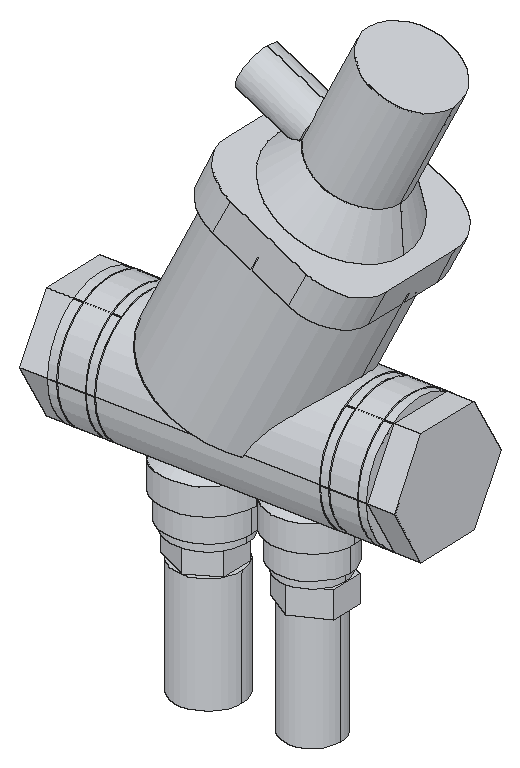
Revit family "PV_Compact_DN020_ 5-30_FF_měř_RFA_2018", category Pipe Accessories, Revit 2018
Family settings
  Round Connector Dimension = Use Diameter
  Part Type = Valve - Breaks Into
  Work Plane-Based = No
  Always vertical = Yes
  Cut with Voids When Loaded = No
  Shared = No
Parameters (values of type "PV Compact DN20 FF s měřením (  5-30kPa)")
  magiProductId = "db23a1b537c14a0d8d3ef5b88ba9f3"
  magiProductFamilyId = "17221e4467384e4990f0bd3f9c07cb"
  magiPartTypeId = 304
  isMeasuringValve [instance] = no
  ang2D [instance] = 0.00°
  Z7 = 15 mm
  Z6 = 24.6 mm
  Z5 = 57.4 mm
  Z4 = 49.2 mm
  Z3 = 8.2 mm
  Z2 = 41 mm
  XR3 = 30 mm
  XR2 = 25 mm
  XR1 = 13 mm
  W2D = 15 mm
  VersionID = "2.0/2018.12.13.2/FRESE_PV_COMPACT_PLUG_Q13_001"
  Use Minimum Symbol Size [instance] = no
  URL = "www.hydronix.cz"
  Type Comments = "závitový s vnitřním závitem; dvěma měřicími vsuvkami; PN25; dpmax=450kPa; -10~+120°C;"
  R5 = 5 mm
  R4 = 15 mm
  R3 = 10 mm
  R2 = 14 mm
  R1 = 19 mm
  QmdConnectorList = "301;D;302;D"
  Productdata [instance] = ""
  PH__ve = -PH  # -22.4 mm
  PH = 22.4 mm
  NL__ve = -NL  # -15.8 mm
  NL = 15.8 mm
  Manufacturer = "Hydronix"
  MC Use Limits From Balancing Method = no
  MC Throttling Minimum Value = 0
  MC Throttling Maximum Value = 0
  MC Product Code = "53-3206 DN20; FF; nastavitelný rozsah dp=5~30kPa; Q=100~1000l/h;  kvs=3,5"
  MC Pressure Drop Minimum Value = 0.0 Pa
  MC Pressure Drop Maximum Value = 0.0 Pa
  MC Piping Given Pressure Drop [instance] = 0.0 Pa
  M5 = 33.7 mm
  M4 = 31.7 mm
  M3 = 25.7 mm
  M2 = 23.7 mm
  LP = 39.5 mm
  LM = 47.4 mm
  LL__ve = -LL  # -5.7 mm
  LLT__ve = -LLT  # -14.9 mm
  LLT = 14.9 mm
  LL2 = 32 mm
  LL = 5.7 mm
  L3 = 11 mm
  L2D_Min = 30.48 mm
  L2D = 65 mm
  Description = "Nastavitelný regulátor tlakové diference"
  DR1 = no
  DR0 = yes
  DL2 = 66 mm
  D = 20 mm
  CenSd_R2_6 = R2 * cos(30.00°)  # 12.124 mm
  CAT0 = yes
  C0D1 = no
  C0D0 = yes
Types (10, lengths in mm): name | magiProductId | Z6 | Z5 | Z4 | Z3 | Z2 | XR3 | XR2 | XR1 | R2 | R1 | PH__ve | PH | NL__ve | NL | MC Product Code | M5 | M4 | M3 | M2 | LP | LM | LL__ve | LLT__ve | LLT | LL2 | LL | L3 | D | CenSd_R2_6
  PV Compact DN15 FF s měřením ( 20-60kPa) | "92c6061b2d364c498536f200ceae3f" | 24.6 | 57.4 | 49.2 | 8.2 | 41 | 30 | 25 | 13 | 14 | 19 | -22.4 | 22.4 | -15 | 15 | "53-3205 DN15; FF; nastavitelný rozsah dp=20~60kPa; Q=100~1000l/h;  kvs=2,9" | 32.5 | 30.5 | 24.5 | 22.5 | 37.5 | 45 | -5.7 | -14.9 | 14.9 | 32 | 5.7 | 11 | 15 | 12.124
  PV Compact DN15 FF s měřením (  5-30kPa) | "f361d342a5c3496a8b127ae77303d4" | 24.6 | 57.4 | 49.2 | 8.2 | 41 | 30 | 25 | 13 | 14 | 19 | -22.4 | 22.4 | -15 | 15 | "53-3204 DN15; FF; nastavitelný rozsah dp=5~30kPa; Q=50~600l/h;  kvs=2,9" | 32.5 | 30.5 | 24.5 | 22.5 | 37.5 | 45 | -5.7 | -14.9 | 14.9 | 32 | 5.7 | 11 | 15 | 12.124
  PV Compact DN20 FF s měřením ( 20-60kPa) | "9f7cac6a20a942348ba3edadb25c10" | 24.6 | 57.4 | 49.2 | 8.2 | 41 | 30 | 25 | 13 | 14 | 19 | -22.4 | 22.4 | -15.8 | 15.8 | "53-3207 DN20; FF; nastavitelný rozsah dp=20~60kPa; Q=150~2000l/h;  kvs=3,5" | 33.7 | 31.7 | 25.7 | 23.7 | 39.5 | 47.4 | -5.7 | -14.9 | 14.9 | 32 | 5.7 | 11 | 20 | 12.124
  PV Compact DN20 FF s měřením (  5-30kPa) | "db23a1b537c14a0d8d3ef5b88ba9f3" | 24.6 | 57.4 | 49.2 | 8.2 | 41 | 30 | 25 | 13 | 14 | 19 | -22.4 | 22.4 | -15.8 | 15.8 | "53-3206 DN20; FF; nastavitelný rozsah dp=5~30kPa; Q=100~1000l/h;  kvs=3,5" | 33.7 | 31.7 | 25.7 | 23.7 | 39.5 | 47.4 | -5.7 | -14.9 | 14.9 | 32 | 5.7 | 11 | 20 | 12.124
  PV Compact DN25 FF s měřením (  5-30kPa) | "df9f1d59aa4a4bbbaec25e168ba07d" | 25.5 | 59.5 | 51 | 8.5 | 42.5 | 30 | 25 | 13 | 14 | 19 | -20.8 | 20.8 | -16.6 | 16.6 | "53-3208 DN25; FF; nastavitelný rozsah dp=5~30kPa; Q=600~2100l/h;  kvs=4,0" | 34.9 | 32.9 | 26.9 | 24.9 | 41.5 | 49.8 | -5.9 | -16.3 | 16.3 | 34 | 5.9 | 11 | 25 | 12.124
  PV Compact DN25L FF s měřením ( 20-80kPa) | "87b7cca8bace4074a54840dfb5d8dc" | 40.2 | 93.8 | 80.4 | 13.4 | 67 | 42.5 | 37.5 | 25.5 | 26.5 | 31.5 | -17.6 | 17.6 | -20 | 20 | "53-3211 DN25L; FF; nastavitelný rozsah dp=20~80kPa; Q=750~4200l/h;  kvs=8,7" | 40 | 38 | 32 | 30 | 50 | 60 | -6.3 | -19.1 | 19.1 | 38 | 6.3 | 11 | 25 | 22.95
  PV Compact DN25L FF s měřením (  5-30kPa) | "5f34f6c18cbb44599cc4b76a533b7b" | 40.2 | 93.8 | 80.4 | 13.4 | 67 | 42.5 | 37.5 | 25.5 | 26.5 | 31.5 | -17.6 | 17.6 | -20 | 20 | "53-3210 DN25L; FF; nastavitelný rozsah dp=5~30kPa; Q=600~2500l/h;  kvs=8,7" | 40 | 38 | 32 | 30 | 50 | 60 | -6.3 | -19.1 | 19.1 | 38 | 6.3 | 11 | 25 | 22.95
  PV Compact DN32 FF s měřením ( 20-80kPa) | "4a8a1c2c3ced401aa76adec660b182" | 40.2 | 93.8 | 80.4 | 13.4 | 67 | 42.5 | 37.5 | 25.5 | 26.5 | 31.5 | -13.6 | 13.6 | -20.8 | 20.8 | "53-3214 DN32; FF; nastavitelný rozsah dp=20~80kPa; Q=1000~5000l/h;  kvs=10,1" | 41.2 | 39.2 | 33.2 | 31.2 | 52 | 62.4 | -6.8 | -22.6 | 22.6 | 43 | 6.8 | 25 | 32 | 22.95
  PV Compact DN40 FF s měřením ( 20-80kPa) | "8dd334465d8f48dd802c3dab6bec5b" | 46.8 | 109.2 | 93.6 | 15.6 | 78 | 42.5 | 37.5 | 25.5 | 26.5 | 31.5 | -11.2 | 11.2 | -27.6 | 27.6 | "53-3216 DN40; FF; nastavitelný rozsah dp=20~80kPa; Q=3000~8000l/h;  kvs=15,8" | 51.4 | 49.4 | 43.4 | 41.4 | 69 | 82.8 | -7.1 | -24.7 | 24.7 | 46 | 7.1 | 25 | 40 | 22.95
  PV Compact DN50 FF s měřením ( 20-80kPa) | "de24153ded7e41748f92358b184bd6" | 46.8 | 109.2 | 93.6 | 15.6 | 78 | 42.5 | 37.5 | 25.5 | 35.25 | 31.5 | -6.4 | 6.4 | -27.6 | 27.6 | "53-3218 DN50; FF; nastavitelný rozsah dp=20~80kPa; Q=5000~11500l/h;  kvs=16,2" | 51.4 | 49.4 | 43.4 | 41.4 | 69 | 82.8 | -7.7 | -28.9 | 28.9 | 52 | 7.7 | 25 | 50 | 30.527
Reference planes
  plane 1 "Center (Front/Back)": y = 0
  plane 2 "XYPLANE": z = 0
  plane 3 "Center (Left/Right)": x = 0
  plane 4 "408": x = 39.5
  plane 5 "407": x = -39.5
  plane 6 "402": z = -66
  plane 7 "213": x = 11
  plane 8 "168": z = -10.9
  plane 9 "167": z = -12.9
  plane 10 "166": z = -18.6
  plane 11 "165": z = -24.3
  plane 12 "164": z = -26.3
  plane 13 "154": z = 0
  plane 14 "152": y = 0
  plane 15 "151": z = -32
  plane 16 "150": x = -11
  plane 17 "75": through (318.218, 0, 679.605) normal (0.891, 0, -0.454)
  plane 18 "74": x = 33.7
  plane 19 "73": x = 31.7
  plane 20 "72": x = 25.7
  plane 21 "71": x = 23.7
  plane 22 "70": x = -33.7
  plane 23 "69": x = -31.7
  plane 24 "68": x = -25.7
  plane 25 "67": y = 0
  plane 26 "66": through (-666.893, 0, 343.166) normal (0.454, 0, 0.891)
  plane 27 "65": x = -23.7
  plane 28 "64": through (335.147, 0, 670.979) normal (0.891, 0, -0.454)
  plane 29 "63": through (-649.641, 0, 377.024) normal (0.454, 0, 0.891)
  plane 30 "62": through (352.076, 0, 662.353) normal (0.891, 0, -0.454)
  plane 31 "61": y = 19
  plane 32 "60": y = -19
  plane 33 "59": through (-645.919, 0, 384.33) normal (0.454, 0, 0.891)
  plane 34 "58": through (-642.196, 0, 391.637) normal (0.454, 0, 0.891)
  plane 35 "57": through (313.763, 0, 681.875) normal (0.891, 0, -0.454)
  plane 36 "56": x = 0
  plane 37 "55": through (-668.255, 0, 340.493) normal (0.454, 0, 0.891)
  plane 38 "102XY": through (-668.255, 0, 340.493) normal (0.454, 0, 0.891)
  plane 39 "102XZ": y = 0
  plane 40 "102YZ": through (340.493, 0, 668.255) normal (0.891, 0, -0.454)
Forms (mm)
  Extrusion 1, solid
    sketch origin (39.5, -750, 0) x (0, 1, 0) y (0, 0, 1)
      loop
        line (764, 0) -> (757, 12.124) -> (743, 12.124) -> (736, 0) -> (743, -12.124) -> (757, -12.124) -> (764, 0)
    from 0 to -15.8 <- "NL__ve"
  Extrusion 2, solid
    sketch origin (-39.5, -750, 0) x (0, 1, 0) y (0, 0, 1)
      loop
        line (736, 0) -> (743, -12.124) -> (757, -12.124) -> (764, 0) -> (757, 12.124) -> (743, 12.124) -> (736, 0)
    from 0 to 15.8 <- "NL"
  Extrusion 3, solid, visible <- "C0D1"
    sketch origin (-750, 0, -66) x (1, 0, 0) y (0, 1, 0)
      loop
        circle (761, 0) r 10
    from 0 to 50
  Extrusion 4, solid, visible <- "DR1"
    sketch origin (-750, 0, -18.6) x (1, 0, 0) y (0, 1, 0)
      loop
        line (761, -12) -> (772.592, -6) -> (772.592, 6) -> (761, 12) -> (750.608, 6) -> (750.608, -6) -> (761, -12)
    from 0 to -22.4 <- "PH__ve"
  Extrusion 5, solid, visible <- "DR1"
    sketch origin (-750, 0, -18.6) x (1, 0, 0) y (0, 1, 0)
      loop
        circle (761, 0) r 10
    from 0 to 5.7 <- "LL"
  Blend 6, solid, visible <- "DR1"
    base sketch origin (-750, 0, -10.9) x (1, 0, 0) y (0, 1, 0)
      loop
        circle (761, 0) r 7.5
    top sketch origin (-750, 0, -10.9) x (1, 0, 0) y (0, 1, 0)
      loop
        circle (761, 0) r 10
    from 0 to -2
  Extrusion 7, solid, visible <- "DR1"
    sketch origin (-750, 0, 0) x (1, 0, 0) y (0, 1, 0)
      loop
        circle (761, 0) r 7.5
    from 0 to -14.9 <- "LLT__ve"
  Extrusion 8, solid, visible <- "C0D0"
    sketch origin (-750, 0, -32) x (1, 0, 0) y (0, 1, 0)
      loop
        circle (761, 0) r 6
    from 0 to -25
  Extrusion 9, solid, visible <- "DR0"
    sketch origin (-750, 0, -26.3) x (1, 0, 0) y (0, 1, 0)
      loop
        line (761, -7) -> (768.262, -3.5) -> (768.262, 3.5) -> (761, 7) -> (754.938, 3.5) -> (754.938, -3.5) -> (761, -7)
    from 0 to -5.7 <- "LL__ve"
  Extrusion 10, solid, visible <- "DR0"
    sketch origin (-750, 0, -26.3) x (1, 0, 0) y (0, 1, 0)
      loop
        circle (761, 0) r 7
    from 0 to 2
  Extrusion 11, solid, visible <- "DR0"
    sketch origin (-750, 0, -18.6) x (1, 0, 0) y (0, 1, 0)
      loop
        circle (761, 0) r 9
    from 0 to 5.7 <- "LL"
  Blend 12, solid, visible <- "DR0"
    base sketch origin (-750, 0, -10.9) x (1, 0, 0) y (0, 1, 0)
      loop
        circle (761, 0) r 6.5
    top sketch origin (-750, 0, -10.9) x (1, 0, 0) y (0, 1, 0)
      loop
        circle (761, 0) r 9
    from 0 to -2
  Extrusion 13, solid, visible <- "DR0"
    sketch origin (-750, 0, 0) x (1, 0, 0) y (0, 1, 0)
      loop
        circle (761, 0) r 6.5
    from 0 to -14.9 <- "LLT__ve"
  Extrusion 14, solid, visible <- "DR0"
    sketch origin (-750, 0, 0) x (1, 0, 0) y (0, 1, 0)
      loop
        circle (761, 0) r 6.5
    from 0 to -14.9 <- "LLT__ve"
  Blend 15, solid, visible <- "DR0"
    base sketch origin (-750, 0, -10.9) x (1, 0, 0) y (0, 1, 0)
      loop
        circle (761, 0) r 6.5
    top sketch origin (-750, 0, -10.9) x (1, 0, 0) y (0, 1, 0)
      loop
        circle (761, 0) r 9
    from 0 to -2
  Extrusion 16, solid, visible <- "DR0"
    sketch origin (-750, 0, -18.6) x (1, 0, 0) y (0, 1, 0)
      loop
        circle (761, 0) r 9
    from 0 to 5.7 <- "LL"
  Extrusion 17, solid, visible <- "DR0"
    sketch origin (-750, 0, -24.3) x (1, 0, 0) y (0, 1, 0)
      loop
        circle (761, 0) r 8
    from 0 to 5.7 <- "LL"
  Extrusion 18, solid, visible <- "DR0"
    sketch origin (-750, 0, -26.3) x (1, 0, 0) y (0, 1, 0)
      loop
        circle (761, 0) r 7
    from 0 to 2
  Extrusion 19, solid, visible <- "DR0"
    sketch origin (-750, 0, -26.3) x (1, 0, 0) y (0, 1, 0)
      loop
        line (761, -7) -> (768.262, -3.5) -> (768.262, 3.5) -> (761, 7) -> (754.938, 3.5) -> (754.938, -3.5) -> (761, -7)
    from 0 to -5.7 <- "LL__ve"
  Extrusion 20, solid, visible <- "C0D0"
    sketch origin (-750, 0, -32) x (1, 0, 0) y (0, 1, 0)
      loop
        circle (761, 0) r 6
    from 0 to -25
  Extrusion 21, solid, visible <- "CAT0"
    sketch origin (-750, 0, -32) x (1, 0, 0) y (0, 1, 0)
      loop
        circle (739, 0) r 7.2
    from 0 to -25
  Extrusion 22, solid
    sketch origin (-750, 0, -26.3) x (1, 0, 0) y (0, 1, 0)
      loop
        line (739, -7) -> (745.062, -3.5) -> (745.062, 3.5) -> (739, 7) -> (731.738, 3.5) -> (731.738, -3.5) -> (739, -7)
    from 0 to -5.7 <- "LL__ve"
  Extrusion 23, solid
    sketch origin (-750, 0, -26.3) x (1, 0, 0) y (0, 1, 0)
      loop
        circle (739, 0) r 8.2
    from 0 to 2
  Extrusion 24, solid
    sketch origin (-750, 0, -24.3) x (1, 0, 0) y (0, 1, 0)
      loop
        circle (739, 0) r 9.2
    from 0 to 5.7 <- "LL"
  Extrusion 25, solid
    sketch origin (-750, 0, -18.6) x (1, 0, 0) y (0, 1, 0)
      loop
        circle (739, 0) r 10.2
    from 0 to 5.7 <- "LL"
  Blend 26, solid
    base sketch origin (-750, 0, -10.9) x (1, 0, 0) y (0, 1, 0)
      loop
        circle (739, 0) r 7.7
    top sketch origin (-750, 0, -10.9) x (1, 0, 0) y (0, 1, 0)
      loop
        circle (739, 0) r 10.2
    from 0 to -2
  Extrusion 27, solid
    sketch origin (-750, 0, 0) x (1, 0, 0) y (0, 1, 0)
      loop
        circle (739, 0) r 7.7
    from 0 to -14.9 <- "LLT__ve"
  Blend 28, solid, visible <- "CAT0"
    base sketch origin (31.7, -750, 0) x (0, 1, 0) y (0, 0, 1)
      loop
        circle (750, 0) r 14
    top sketch origin (31.7, -750, 0) x (0, 1, 0) y (0, 0, 1)
      loop
        circle (750, 0) r 14
    from 0 to 2
  Extrusion 29, solid, visible <- "CAT0"
    sketch origin (25.7, -750, 0) x (0, 1, 0) y (0, 0, 1)
      loop
        circle (750, 0) r 14
    from 0 to 6
  Blend 30, solid, visible <- "CAT0"
    base sketch origin (23.7, -750, 0) x (0, 1, 0) y (0, 0, 1)
      loop
        circle (750, 0) r 14
    top sketch origin (23.7, -750, 0) x (0, 1, 0) y (0, 0, 1)
      loop
        circle (750, 0) r 14
    from 0 to 2
  Blend 31, solid, visible <- "CAT0"
    base sketch origin (-31.7, -750, 0) x (0, 1, 0) y (0, 0, 1)
      loop
        circle (750, 0) r 14
    top sketch origin (-31.7, -750, 0) x (0, 1, 0) y (0, 0, 1)
      loop
        circle (750, 0) r 14
    from 0 to -2
  Extrusion 32, solid, visible <- "CAT0"
    sketch origin (-31.7, -750, 0) x (0, 1, 0) y (0, 0, 1)
      loop
        circle (750, 0) r 14
    from 0 to 6
  Blend 33, solid, visible <- "CAT0"
    base sketch origin (-25.7, -750, 0) x (0, 1, 0) y (0, 0, 1)
      loop
        circle (750, 0) r 14
    top sketch origin (-25.7, -750, 0) x (0, 1, 0) y (0, 0, 1)
      loop
        circle (750, 0) r 14
    from 0 to 2
  Extrusion 34, solid, visible <- "CAT0"
    sketch origin (-23.7, -750, 0) x (0, 1, 0) y (0, 0, 1)
      loop
        circle (750, 0) r 14
    from 0 to 47.4 <- "LM"
  Extrusion 35, solid, visible <- "CAT0"
    sketch origin (-666.893, 0, 343.166) x (0.891007, 0, -0.45399) y (0, 1, 0)
      loop
        circle (744, 0) r 19
    from 0 to 41 <- "Z2"
  Extrusion 36, solid, visible <- "CAT0"
    sketch origin (-649.641, 0, 377.024) x (0.891007, 0, -0.45399) y (0, 1, 0)
      loop
        arc (735, 19) -> (727.929, 16.071) -> (725, 9) r 10
        line (725, 9) -> (725, -9)
        arc (725, -9) -> (727.929, -16.071) -> (735, -19) r 10
        line (735, -19) -> (753, -19)
        arc (753, -19) -> (760.071, -16.071) -> (763, -9) r 10
        line (763, -9) -> (763, 9)
        arc (763, 9) -> (760.071, 16.071) -> (753, 19) r 10
        line (753, 19) -> (735, 19)
    from 0 to 8.2 <- "Z3"
  Blend 37, solid, visible <- "CAT0"
    base sketch origin (-645.919, 0, 384.33) x (0.891007, 0, -0.45399) y (0, 1, 0)
      loop
        circle (744, 0) r 15
    top sketch origin (-645.919, 0, 384.33) x (0.891007, 0, -0.45399) y (0, 1, 0)
      loop
        circle (744, 0) r 10
    from 0 to 8.2
  Extrusion 38, solid, visible <- "CAT0"
    sketch origin (-642.196, 0, 391.637) x (0.891007, 0, -0.45399) y (0, 1, 0)
      loop
        circle (744, 0) r 10
    from 0 to 24.6 <- "Z6"
  Extrusion 39, solid, visible <- "CAT0"
    sketch origin (313.763, 0, 681.875) x (-0.45399, 0, -0.891007) y (0, 1, 0)
      loop
        circle (692.6, 0) r 5
    from 0 to 15 <- "Z7"
  Blend 40, solid, visible <- "CAT0"
    base sketch origin (-668.255, 0, 340.493) x (0.891007, 0, -0.45399) y (0, 1, 0)
      loop
        circle (744, 0) r 15
    top sketch origin (-668.255, 0, 340.493) x (0.891007, 0, -0.45399) y (0, 1, 0)
      loop
        circle (744, 0) r 19
    from 0 to 3
  Extrusion 41, solid, not visible
    sketch origin (-33.7, -750, 0) x (0, 1, 0) y (0, 0, 1)
      loop
        circle (750, 0) r 10
    from 0 to 10
  Extrusion 42, solid, not visible
    sketch origin (33.7, -750, 0) x (0, 1, 0) y (0, 0, 1)
      loop
        circle (750, 0) r 10
    from 0 to -10
Lines and regions (mm)
  reference lines, not visible
    curve 1: circle (2, 2, 0) r 1 normal (0, 0, 1)
  reference lines
    curve 2: line (39.5, 0, 0) -> (39.5, -3.5, 6.062)
    curve 3: line (39.5, 0, 0) -> (39.5, -7, 0)
    curve 4: line (39.5, 0, 0) -> (39.5, -3.5, -6.062)
    curve 5: line (-39.5, 0, 0) -> (-39.5, 3.5, 6.062)
    curve 6: line (-39.5, 0, 0) -> (-39.5, 7, 0)
    curve 7: line (-39.5, 0, 0) -> (-39.5, 3.5, -6.062)
Dimensions and locks
  plane 1 "Center (Front/Back)" to curve 1 = 2 mm
  "LP": plane 36 "56" to plane 4 "408"
  "LP": plane 36 "56" to plane 5 "407"
  "DL2": plane 2 "XYPLANE" to plane 6 "402"
  "L3": plane 3 "Center (Left/Right)" to plane 7 "213"
  locked: plane 9 "167" to plane 8 "168" at 2
  "LL": plane 10 "166" to plane 9 "167"
  "LL": plane 11 "165" to plane 10 "166"
  locked: plane 12 "164" to plane 11 "165" at 2
  "LL": plane 15 "151" to plane 12 "164"
  locked: plane 2 "XYPLANE" to plane 13 "154"
  locked: plane 1 "Center (Front/Back)" to plane 14 "152"
  "LL2": plane 2 "XYPLANE" to plane 15 "151"
  "L3": plane 3 "Center (Left/Right)" to plane 16 "150"
  "XR2": plane 40 "102YZ" to plane 17 "75"
  "M5": plane 3 "Center (Left/Right)" to plane 18 "74"
  "M4": plane 3 "Center (Left/Right)" to plane 19 "73"
  "M3": plane 3 "Center (Left/Right)" to plane 20 "72"
  "M2": plane 3 "Center (Left/Right)" to plane 21 "71"
  "M5": plane 3 "Center (Left/Right)" to plane 22 "70"
  "M4": plane 3 "Center (Left/Right)" to plane 23 "69"
  "M3": plane 3 "Center (Left/Right)" to plane 24 "68"
  locked: plane 14 "152" to plane 25 "67"
  locked: plane 38 "102XY" to plane 26 "66" at 3
  "M2": plane 3 "Center (Left/Right)" to plane 27 "65"
  locked: plane 40 "102YZ" to plane 28 "64" at 6
  "Z2": plane 38 "102XY" to plane 29 "63"
  "XR1": plane 40 "102YZ" to plane 30 "62"
  "R1": plane 14 "152" to plane 31 "61"
  "R1": plane 14 "152" to plane 32 "60"
  "Z4": plane 38 "102XY" to plane 33 "59"
  "Z5": plane 38 "102XY" to plane 34 "58"
  "XR3": plane 40 "102YZ" to plane 35 "57"
  locked: plane 3 "Center (Left/Right)" to plane 36 "56"
  locked: plane 38 "102XY" to plane 37 "55"
  "CenSd_R2_6": curve 2 to Extrusion 1 sketch curve  (x2)
  "CenSd_R2_6": curve 3 to Extrusion 1 sketch curve  (x2)
  "CenSd_R2_6": curve 4 to Extrusion 1 sketch curve  (x2)
  Extrusion 1 sketch curve to Extrusion 1 sketch curve = 0 mm  (x12)
  "CenSd_R2_6": curve 5 to Extrusion 2 sketch curve  (x2)
  "CenSd_R2_6": curve 6 to Extrusion 2 sketch curve  (x2)
  "CenSd_R2_6": curve 7 to Extrusion 2 sketch curve  (x2)
  Extrusion 2 sketch curve to Extrusion 2 sketch curve = 0 mm  (x12)
  Extrusion 4 sketch curve to Extrusion 4 sketch curve = 0 mm  (x12)
  Extrusion 9 sketch curve to Extrusion 9 sketch curve = 0 mm  (x12)
  Extrusion 19 sketch curve to Extrusion 19 sketch curve = 0 mm  (x12)
  Extrusion 22 sketch curve to Extrusion 22 sketch curve = 0 mm  (x12)
  Extrusion 36 sketch curve to Extrusion 36 sketch curve = 0 mm  (x16)
  "R2": radius of Blend 28 sketch curve  (x2)
  "R2": radius of Extrusion 29 sketch curve
  "R2": radius of Blend 30 sketch curve  (x2)
  "R2": radius of Blend 31 sketch curve  (x2)
  "R2": radius of Extrusion 32 sketch curve
  "R2": radius of Blend 33 sketch curve  (x2)
  "R2": radius of Extrusion 34 sketch curve
  "R1": radius of Extrusion 35 sketch curve
  radius of Extrusion 36 sketch curve = 10 mm  (x4)
  "R3": radius of Blend 37 sketch curve
  "R4": radius of Blend 37 sketch curve
  "R3": radius of Extrusion 38 sketch curve
  "R5": radius of Extrusion 39 sketch curve
  "R1": radius of Blend 40 sketch curve
  locked: curve 3 to curve 2 (angle 60.00°)
  locked: curve 4 to curve 3 (angle 60.00°)
  locked: curve 4 to curve 2 (angle 120.00°)
  locked: curve 6 to curve 5 (angle 60.00°)
  locked: curve 7 to curve 6 (angle 60.00°)
  locked: curve 7 to curve 5 (angle 120.00°)
  aligned and locked: level to plane 2 "XYPLANE"
  aligned and locked: plane 13 "154" to curve 4
  aligned and locked: curve 4 to plane 14 "152"
  aligned and locked: plane 13 "154" to curve 7
  aligned and locked: curve 7 to plane 14 "152"
  aligned and locked: plane 7 "213" to Extrusion 3 sketch curve
  aligned and locked: plane 14 "152" to Extrusion 3 sketch curve
  aligned and locked: plane 7 "213" to Extrusion 5 sketch curve
  aligned and locked: plane 14 "152" to Extrusion 5 sketch curve
  aligned and locked: plane 7 "213" to Blend 6 sketch curve  (x2)
  aligned and locked: plane 14 "152" to Blend 6 sketch curve  (x2)
  aligned and locked: Blend 6 to plane 9 "167"
  aligned and locked: plane 7 "213" to Extrusion 7 sketch curve
  aligned and locked: plane 14 "152" to Extrusion 7 sketch curve
  aligned and locked: plane 7 "213" to Extrusion 8 sketch curve
  aligned and locked: plane 14 "152" to Extrusion 8 sketch curve
  aligned and locked: plane 7 "213" to Extrusion 10 sketch curve
  aligned and locked: plane 14 "152" to Extrusion 10 sketch curve
  aligned and locked: plane 7 "213" to Extrusion 11 sketch curve
  aligned and locked: plane 14 "152" to Extrusion 11 sketch curve
  aligned and locked: plane 7 "213" to Blend 12 sketch curve  (x2)
  aligned and locked: plane 14 "152" to Blend 12 sketch curve  (x2)
  aligned and locked: Blend 12 to plane 9 "167"
  aligned and locked: plane 7 "213" to Extrusion 13 sketch curve
  aligned and locked: plane 14 "152" to Extrusion 13 sketch curve
  aligned and locked: plane 7 "213" to Extrusion 14 sketch curve
  aligned and locked: plane 14 "152" to Extrusion 14 sketch curve
  aligned and locked: plane 7 "213" to Blend 15 sketch curve  (x2)
  aligned and locked: plane 14 "152" to Blend 15 sketch curve  (x2)
  aligned and locked: Blend 15 to plane 9 "167"
  aligned and locked: plane 7 "213" to Extrusion 16 sketch curve
  aligned and locked: plane 14 "152" to Extrusion 16 sketch curve
  aligned and locked: plane 7 "213" to Extrusion 17 sketch curve
  aligned and locked: plane 14 "152" to Extrusion 17 sketch curve
  aligned and locked: plane 7 "213" to Extrusion 18 sketch curve
  aligned and locked: plane 14 "152" to Extrusion 18 sketch curve
  aligned and locked: plane 7 "213" to Extrusion 20 sketch curve
  aligned and locked: plane 14 "152" to Extrusion 20 sketch curve
  aligned and locked: plane 14 "152" to Extrusion 21 sketch curve
  aligned and locked: plane 16 "150" to Extrusion 21 sketch curve
  aligned and locked: plane 14 "152" to Extrusion 23 sketch curve
  aligned and locked: plane 16 "150" to Extrusion 23 sketch curve
  aligned and locked: plane 14 "152" to Extrusion 24 sketch curve
  aligned and locked: plane 16 "150" to Extrusion 24 sketch curve
  aligned and locked: plane 14 "152" to Extrusion 25 sketch curve
  aligned and locked: plane 16 "150" to Extrusion 25 sketch curve
  aligned and locked: plane 14 "152" to Blend 26 sketch curve  (x2)
  aligned and locked: plane 16 "150" to Blend 26 sketch curve  (x2)
  aligned and locked: Blend 26 to plane 9 "167"
  aligned and locked: plane 14 "152" to Extrusion 27 sketch curve
  aligned and locked: plane 16 "150" to Extrusion 27 sketch curve
  aligned and locked: plane 13 "154" to Blend 28 sketch curve  (x2)
  aligned and locked: Blend 28 sketch curve to plane 14 "152"  (x2)
  aligned and locked: plane 18 "74" to Blend 28
  aligned and locked: plane 13 "154" to Extrusion 29 sketch curve
  aligned and locked: Extrusion 29 sketch curve to plane 14 "152"
  aligned and locked: plane 13 "154" to Blend 30 sketch curve  (x2)
  aligned and locked: Blend 30 sketch curve to plane 14 "152"  (x2)
  aligned and locked: plane 20 "72" to Blend 30
  aligned and locked: plane 13 "154" to Blend 31 sketch curve  (x2)
  aligned and locked: Blend 31 sketch curve to plane 14 "152"  (x2)
  aligned and locked: Blend 31 to plane 22 "70"
  aligned and locked: plane 13 "154" to Extrusion 32 sketch curve
  aligned and locked: Extrusion 32 sketch curve to plane 14 "152"
  aligned and locked: plane 13 "154" to Blend 33 sketch curve  (x2)
  aligned and locked: Blend 33 sketch curve to plane 14 "152"  (x2)
  aligned and locked: plane 27 "65" to Blend 33
  aligned and locked: plane 13 "154" to Extrusion 34 sketch curve
  aligned and locked: Extrusion 34 sketch curve to plane 14 "152"
  aligned and locked: plane 25 "67" to Extrusion 35 sketch curve
  aligned and locked: Extrusion 35 sketch curve to plane 28 "64"
  aligned and locked: Extrusion 36 sketch curve to plane 17 "75"
  aligned and locked: Extrusion 36 sketch curve to plane 32 "60"
  aligned and locked: Extrusion 36 sketch curve to plane 30 "62"
  aligned and locked: plane 31 "61" to Extrusion 36 sketch curve
  aligned and locked: plane 25 "67" to Blend 37 sketch curve  (x2)
  aligned and locked: Blend 37 sketch curve to plane 28 "64"  (x2)
  aligned and locked: plane 34 "58" to Blend 37
  aligned and locked: plane 25 "67" to Extrusion 38 sketch curve
  aligned and locked: Extrusion 38 sketch curve to plane 28 "64"
  aligned and locked: plane 25 "67" to Extrusion 39 sketch curve
  aligned and locked: plane 34 "58" to Extrusion 39 sketch curve
  aligned and locked: plane 25 "67" to Blend 40 sketch curve  (x2)
  aligned and locked: Blend 40 sketch curve to plane 28 "64"  (x2)
  aligned and locked: plane 26 "66" to Blend 40
  aligned and locked: plane 13 "154" to Extrusion 41 sketch curve
  aligned and locked: Extrusion 41 sketch curve to plane 14 "152"
  aligned and locked: plane 13 "154" to Extrusion 42 sketch curve
  aligned and locked: Extrusion 42 sketch curve to plane 14 "152"
Automatic sketch dimensions
  plane 3 "Center (Left/Right)" to Extrusion 3 sketch curve = 1 mm
  Extrusion 4 sketch curve to plane 7 "213" = 0 mm  (x2)
  plane 3 "Center (Left/Right)" to Extrusion 4 sketch curve = 0.608 mm
  Extrusion 4 sketch curve to plane 21 "71" = 1.108 mm
  plane 32 "60" to Extrusion 4 sketch curve = 7 mm
  plane 1 "Center (Front/Back)" to Extrusion 4 sketch curve = 6 mm  (x2)
  Extrusion 4 sketch curve to plane 1 "Center (Front/Back)" = 6 mm  (x2)
  Extrusion 4 sketch curve to plane 31 "61" = 7 mm
  plane 3 "Center (Left/Right)" to Extrusion 5 sketch curve = 1 mm
  plane 3 "Center (Left/Right)" to Blend 6 sketch curve = 3.5 mm
  plane 3 "Center (Left/Right)" to Blend 6 sketch curve = 1 mm
  plane 3 "Center (Left/Right)" to Extrusion 7 sketch curve = 3.5 mm
  plane 3 "Center (Left/Right)" to Extrusion 8 sketch curve = 5 mm
  Extrusion 9 sketch curve to plane 7 "213" = 0 mm  (x2)
  plane 3 "Center (Left/Right)" to Extrusion 9 sketch curve = 4.938 mm
  Extrusion 9 sketch curve to plane 21 "71" = 5.438 mm
  plane 1 "Center (Front/Back)" to Extrusion 9 sketch curve = 7 mm
  plane 1 "Center (Front/Back)" to Extrusion 9 sketch curve = 3.5 mm  (x2)
  Extrusion 9 sketch curve to plane 1 "Center (Front/Back)" = 3.5 mm  (x2)
  Extrusion 9 sketch curve to Extrusion 9 sketch curve = 3.5 mm
  plane 3 "Center (Left/Right)" to Extrusion 10 sketch curve = 4 mm
  plane 3 "Center (Left/Right)" to Extrusion 11 sketch curve = 2 mm
  plane 3 "Center (Left/Right)" to Blend 12 sketch curve = 4.5 mm
  plane 3 "Center (Left/Right)" to Blend 12 sketch curve = 2 mm
  plane 3 "Center (Left/Right)" to Extrusion 13 sketch curve = 4.5 mm
  plane 3 "Center (Left/Right)" to Extrusion 14 sketch curve = 4.5 mm
  plane 3 "Center (Left/Right)" to Blend 15 sketch curve = 4.5 mm
  plane 3 "Center (Left/Right)" to Blend 15 sketch curve = 2 mm
  plane 3 "Center (Left/Right)" to Extrusion 16 sketch curve = 2 mm
  plane 3 "Center (Left/Right)" to Extrusion 17 sketch curve = 3 mm
  plane 3 "Center (Left/Right)" to Extrusion 18 sketch curve = 4 mm
  Extrusion 19 sketch curve to plane 7 "213" = 0 mm  (x2)
  plane 3 "Center (Left/Right)" to Extrusion 19 sketch curve = 4.938 mm
  Extrusion 19 sketch curve to plane 21 "71" = 5.438 mm
  plane 1 "Center (Front/Back)" to Extrusion 19 sketch curve = 7 mm
  plane 1 "Center (Front/Back)" to Extrusion 19 sketch curve = 3.5 mm  (x2)
  Extrusion 19 sketch curve to plane 1 "Center (Front/Back)" = 3.5 mm  (x2)
  Extrusion 19 sketch curve to Extrusion 19 sketch curve = 3.5 mm
  plane 3 "Center (Left/Right)" to Extrusion 20 sketch curve = 5 mm
  plane 27 "65" to Extrusion 21 sketch curve = 5.5 mm
  Extrusion 22 sketch curve to plane 16 "150" = 0 mm  (x2)
  plane 27 "65" to Extrusion 22 sketch curve = 5.438 mm
  Extrusion 22 sketch curve to plane 3 "Center (Left/Right)" = 4.938 mm
  plane 1 "Center (Front/Back)" to Extrusion 22 sketch curve = 7 mm
  plane 1 "Center (Front/Back)" to Extrusion 22 sketch curve = 3.5 mm  (x2)
  Extrusion 22 sketch curve to plane 1 "Center (Front/Back)" = 3.5 mm  (x2)
  Extrusion 22 sketch curve to Extrusion 22 sketch curve = 3.5 mm
  plane 27 "65" to Extrusion 23 sketch curve = 4.5 mm
  plane 27 "65" to Extrusion 24 sketch curve = 3.5 mm
  plane 27 "65" to Extrusion 25 sketch curve = 2.5 mm
  plane 27 "65" to Blend 26 sketch curve = 5 mm
  plane 27 "65" to Blend 26 sketch curve = 2.5 mm
  plane 27 "65" to Extrusion 27 sketch curve = 5 mm
  plane 17 "75" to Blend 40 sketch curve = 4 mm
  plane 32 "60" to Extrusion 41 sketch curve = 9 mm
  plane 32 "60" to Extrusion 42 sketch curve = 9 mm
  plane 3 "Center (Left/Right)" to curve 1 = 2 mm
  radius of curve 1 = 1 mm
Connectors
  piping at (-33.7, 0, 0), diameter 20, driven by "D"
    settings: on Extrusion 41, index 1, connector inside diameter 609.6 mm, connector length 0 mm, flow factor 0, pipe flow 0.0 L/s, pressure drop 0.0 Pa, fitting loss kfactor 0, connector angle 0.00°, fixture units 0, engagement length 0 mm, angle of deflection 0.00°, flow configuration 0, flow direction 0, fitting loss method 0, system type 29, joint type 0, gender type 0, connector reference index 2, connector utility 0, adjustable connector no, is connector primary yes, connector description ""
  piping at (33.7, 0, 0), diameter 20, driven by "D"
    settings: on Extrusion 42, index 2, connector inside diameter 609.6 mm, connector length 0 mm, flow factor 0, pipe flow 0.0 L/s, pressure drop 0.0 Pa, fitting loss kfactor 0, connector angle 0.00°, fixture units 0, engagement length 0 mm, angle of deflection 0.00°, flow configuration 0, flow direction 0, fitting loss method 0, system type 29, joint type 0, gender type 0, connector reference index 1, connector utility 0, adjustable connector no, is connector primary no, connector description ""
